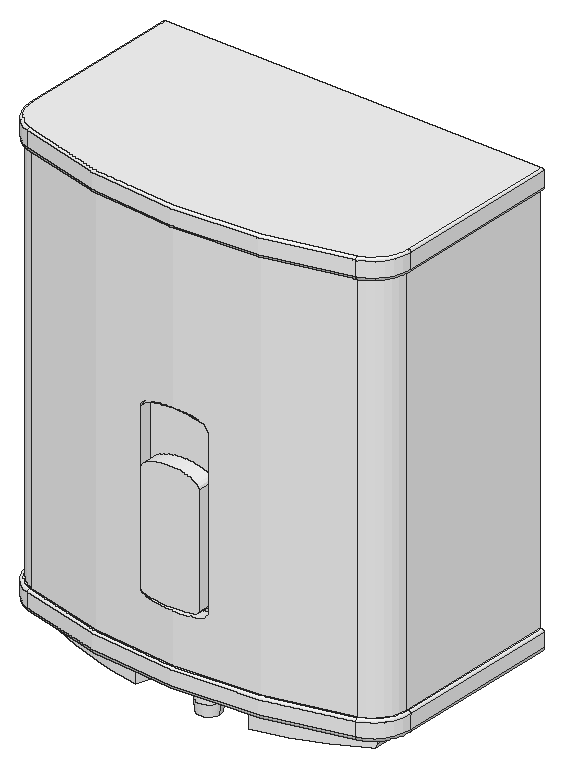
Revit family "NBS_HeatraeSadia_StrgWtrHtrsElctrc_SupremeSS", category Plumbing Fixtures, Revit 2014
Parameters (values of type "Supreme150SS")
  Waste Connection = no
  Vent Connection = yes
  InletPlacement = 80.00 mm
  Width = 337.00 mm
  Weight = "12"
  WaterStorageCapacity = "2.5"
  WaterInletTemperatureRange = "0"
  WarrantyStartDate = "1900-12-31T23:59:59"
  WarrantyGuarantorParts [instance] = "n/a"
  WarrantyGuarantorLabor = "n/a"
  WarrantyDurationUnit = "year"
  WarrantyDurationParts = "2"
  WarrantyDurationLabor = "n/a"
  WarrantyDescription = "n/a"
  Version = "1"  # constant formula
  VentPlacement = 112.00 mm
  Uniclass2015Version = "Products v1.1"  # constant formula
  Uniclass2015Reference = "Pr_60_60_96_28"
  Uniclass2015Description = "Electric storage water heaters"
  Uniclass2 = "90-90-46/428"
  ThirdPartyCertification = "BEAB approved"
  ThermalInsulation = "CFC/HCFC free (ODP zero) pre-moulded polystyrene and thermoplastic blend"
  TagNumber [instance] = "n/a"
  SustainabilityPerformance = "n/a"
  StorageWaterHeaterMaterial = NBS_Concept
  Size = "423 x 337 x 203 mm"
  Shape = "n/a"
  SerialNumber [instance] = "n/a"
  SafetyFeatures = "Low pressure vented, dry start protection by self-resetting bi-metal thermal cut-out, boil-dry protection by manually-resettable disc-type bi-metal cut-out"
  Revision = "n/a"
  ReplacementCost = "n/a"
  Rating = "2.5 kW"
  ProductInformation = "www.heatraesadia.com/docs/Drinking_water_brochure.pdf"
  PressureRating = "0"
  PartialLoadEfficiencyCurves = "0"
  OutletTemperatureRange = "100"
  OutletPlacement = 160.00 mm
  OperatingMode = "n/a"
  NominalWidth = Width  # 337.00 mm
  NominalPartLoadRatio = 0.00 mm
  NominalLength = Depth  # 203.00 mm
  NominalHeight = Height  # 423.00 mm
  NominalEnergyConsumption = 0.00 mm
  NominalEfficiency = 0
  Name = "StorageWaterHeatersElectric_Supreme150SS_HeatraeSadia"
  NBSTypeID = "n/a"
  NBSReference = "90-15-35/440"
  NBSOfficeMasterTag = "n/a"
  NBSNote = "n/a"
  NBSDescription = "Storage water heaters, electric"
  NBSCertification = "http://www.nationalbimlibrary.com/cert/opwkentu"
  MountingHeight [instance] = 250.00 mm
  ModelReference = "Supreme 150SS"
  ModelNumber = "95:200:240"
  Material = "Outer casing: Fingerprint-resistant stainless steel with grey ABS mouldings; Water container: Moulded polyphenylene sulphide; Heat unit: Low watt density Superloy element"
  ManufacturerURL = "www.heatraesadia.com"
  ManufacturerName = "Heatrae Sadia"  # constant formula
  Manufacturer = "specifier@heatraesadia.com"
  IsWaterStorageHeater = yes
  InstallationDate [instance] = "1900-12-31T23:59:59"
  IfcExportType = "WATER"  # constant formula
  IfcExportAs = "IfcBoilerType"  # constant formula
  IPCode = "IPX2"
  Height = 423.00 mm
  HeatTransferSurfaceArea = "0"
  HeatOutput = 0
  HW Connection = no
  Grade = "n/a"
  FlowRate = "To suit draw off requirements"
  Fixing = "Wall fixed"
  Finish = "n/a"
  Features = "Intelliboil™Plus technology, integral electronic water conditioner, power 'on’ indicator, ‘ready’ indicator, detachable steam condensing chamber"
  ExpectedLife = "n/a"
  DurationUnit = "year"
  Description = "Water boiling heater"
  Depth = 203.00 mm
  Controls = "Satin chrome finished heavy duty die-cast push/ pull lever"
  Constituents = "n/a"
  Connections = "Bottom or rear entry is possible using 15 mm push-fit connections"
  Color = "Natural"
  CodePerformance = "n/a"
  ClearanceZone [instance] = no
  Category = "n/a"
  CasingFinish = "Stainless steel"
  CableEntry = 111.00 mm
  CW Connection = yes
  BodyHeight = 383.60 mm
  BarCode [instance] = "n/a"
  BIMObjectName = "NBS_HeatraeSadia_StorageWaterHeatersElectric_Supreme150SS"
  Author = "NBS"  # constant formula
  AssetType = "Fixed"
  AssetIdentifier [instance] = "n/a"
  Arrangement = "Single point – mains supply"
  Accessories = "Counter stand (95:970:132), Drip tray no waste (95:970:128), Drip tray with waste (95:970:123), Programmable timer (95:970:124), Water filter system (95:970:129)"
  AccessibilityPerformance = "n/a"
Types (3, lengths in mm): name | InletPlacement | Weight | WaterStorageCapacity | VentPlacement | Size | OutletPlacement | NominalLength | NominalHeight | Name | ModelReference | ModelNumber | Height | Depth | CableEntry | BodyHeight | BIMObjectName | Accessories
  Supreme150SS | 80.00 | "12" | "2.5" | 112.00 | "423 x 337 x 203 mm" | 160.00 | 203.00 | 423.00 | "StorageWaterHeatersElectric_Supreme150SS_HeatraeSadia" | "Supreme 150SS" | "95:200:240" | 423.00 | 203.00 | 111.00 | 383.60 | "NBS_HeatraeSadia_StorageWaterHeatersElectric_Supreme150SS" | "Counter stand (95:970:132), Drip tray no waste (95:970:128), Drip tray with waste (95:970:123), Programmable timer (95:970:124), Water filter system (95:970:129)"
  Supreme165SS | 101.00 | "16" | "5" | 133.00 | "501 x 337 x 203 mm" | 160.00 | 203.00 | 501.00 | "StorageWaterHeatersElectric_Supreme165SS_HeatraeSadia" | "Supreme 165SS" | "95:200:241" | 501.00 | 203.00 | 101.00 | 466.00 | "NBS_HeatraeSadia_StorageWaterHeatersElectric_Supreme165SS" | "Counter stand (95:970:133), Drip tray no waste (95:970:128), Drip tray with waste (95:970:123), Programmable timer (95:970:124), Water filter system (95:970:129)"
  Supreme180SS | 101.00 | "21" | "7.5" | 133.00 | "506 x 337 x 262 mm" | 220.00 | 262.00 | 506.00 | "StorageWaterHeatersElectric_Supreme180SS_HeatraeSadia" | "Supreme 180SS" | "95:200:242" | 506.00 | 262.00 | 101.00 | 471.00 | "NBS_HeatraeSadia_StorageWaterHeatersElectric_Supreme180SS" | "Counter stand (95:970:133), Drip tray no waste (95:970:128), Drip tray with waste (95:970:123), Programmable timer (95:970:124), Water filter system (95:970:129)"
Reference planes
  plane 1 "Center (Front/Back)": y = 0
  plane 2: z = 0
  plane 3 "Center (Left/Right)": x = 4.12
  plane 4: z = 250
  plane 5: y = -203
  plane 6: z = 285
  plane 7: z = 668.6
  plane 8: z = 651.1
  plane 9: z = 302.5
  plane 10: x = -164.292
  plane 11: x = -160.633
  plane 12: x = 172.532
  plane 13: x = 168.873
  plane 14: z = 868.6
  plane 15: z = 0
  plane 16: x = -364.38
  plane 17: x = 372.62
  plane 18: y = -403
  plane 19: z = 277.5
  plane 20: y = -160
  plane 21: z = 476.8
  plane 22: y = -188
  plane 23: y = -147.391
  plane 24: z = 370.59
  plane 25: z = 266.5
Forms (mm)
  Extrusion 1, void
    sketch origin (0, 0, 0) x (1, 0, 0) y (0, 0, 1)
      loop
        line (-26.334, 497.5) -> (-26.334, 353.088)
        spline (-26.334, 353.088) -> (-25.297, 351.186) -> (-22.254, 349.413) -> (-17.415, 347.891) -> (-11.108, 346.723) -> (-3.764, 345.989) -> (4.118, 345.738) -> (11.999, 345.989) -> (19.344, 346.723) -> (25.651, 347.891) -> (30.49, 349.413) -> (33.532, 351.186) -> (34.57, 353.088)
        line (34.57, 353.088) -> (34.57, 497.5)
        spline (34.57, 497.5) -> (33.532, 499.915) -> (30.49, 502.166) -> (25.651, 504.099) -> (19.344, 505.582) -> (11.999, 506.514) -> (4.118, 506.832) -> (-3.764, 506.514) -> (-11.108, 505.582) -> (-17.415, 504.099) -> (-22.254, 502.166) -> (-25.297, 499.915) -> (-26.334, 497.5)
    from 188 to 203
  Extrusion 2, solid, material "NBS_Concept" <- "StorageWaterHeaterMaterial", detail levels fine
    sketch origin (0, 0, 0) x (1, 0, 0) y (0, 0, 1)
      loop
        line (-21.88, 452.5) -> (-21.88, 355.588)
        spline (-21.88, 355.588) -> (-20.994, 354.402) -> (-18.397, 353.297) -> (-14.265, 352.348) -> (-8.88, 351.62) -> (-2.609, 351.162) -> (4.12, 351.006) -> (10.849, 351.162) -> (17.12, 351.62) -> (22.505, 352.348) -> (26.637, 353.297) -> (29.234, 354.402) -> (30.12, 355.588)
        line (30.12, 355.588) -> (30.12, 452.5)
        spline (30.12, 452.5) -> (29.234, 455.088) -> (26.637, 457.5) -> (22.505, 459.571) -> (17.12, 461.16) -> (10.849, 462.159) -> (4.12, 462.5) -> (-2.609, 462.159) -> (-8.88, 461.16) -> (-14.265, 459.571) -> (-18.397, 457.5) -> (-20.994, 455.088) -> (-21.88, 452.5)
    from 188 to 203
  Extrusion 3, solid, material "NBS_ClearanceZone", visible <- "ClearanceZone"
    sketch origin (0, 0, 0) x (1, 0, 0) y (0, 0, 1)
      loop
        line (-364.38, 868.6) -> (-364.38, 0) -> (372.62, 0) -> (372.62, 868.6) -> (-364.38, 868.6)
    from 0 to 403
  Extrusion 4, solid, material "NBS_Concept" <- "StorageWaterHeaterMaterial", detail levels medium+fine
    sketch origin (-899.557, 0, 0) x (1, 0, 0) y (0, 0, 1)
      loop
        arc (757.151, 272.72) -> (758.371, 270.047) -> (761.003, 268.739) r 4.396
        arc (761.003, 268.739) -> (903.677, 260.143) -> (1046.352, 268.739) r 1188.202
        arc (1046.352, 268.739) -> (1048.983, 270.047) -> (1050.205, 272.711) r 4.396
        line (1050.205, 272.711) -> (1051.307, 285) -> (756.077, 285) -> (757.151, 272.72)
    from 0 to 203
  Extrusion 5, void
    sketch origin (0.015, 0, 0) x (1, 0, 0) y (0, 1, 0)
      loop
        arc (172.517, -147.978) -> (4.104, -181.464) -> (-164.307, -147.965) r 440.16
        line (-164.307, -147.965) -> (-164.307, -203) -> (172.517, -203) -> (172.517, -147.978)
    from 250 to 285
  Extrusion 6, void
    sketch origin (-899.557, 0, 0) x (1, 0, 0) y (0, 1, 0)
      loop
        circle (903.677, -186.104) r 50.399
    from 277.5 to 250
  Revolve 7, solid, material "NBS_Concept" <- "StorageWaterHeaterMaterial", detail levels fine
    sketch origin (-8.867, -160, 1200) x (-1, 0, 0) y (0, 0, 1)
      loop
        line (-0.437, -927.5) -> (0, -922.5) -> (-12.987, -922.5) -> (-12.987, -950) -> (-3.183, -950) -> (-2.137, -940) -> (-2.137, -927.5) -> (-0.437, -927.5)
      axis (-12.987, -922.5) -> (-12.987, -950)
    angle from 0 to 360
  Sweep 8, solid, material "NBS_Concept" <- "StorageWaterHeaterMaterial", detail levels medium+fine
    path origin (-364.38, -1524, 476.8) x (-1, 0, 0) y (0, -1, 0)
      loop
        line (-536.912, -1524) -> (-536.912, -1376.609)
        arc (-536.912, -1376.609) -> (-530.598, -1357.062) -> (-514.04, -1344.903) r 33.412
        arc (-514.04, -1344.903) -> (-368.5, -1321.345) -> (-222.96, -1344.903) r 461.351
        arc (-222.96, -1344.903) -> (-206.402, -1357.062) -> (-200.088, -1376.609) r 33.412
        line (-200.088, -1376.609) -> (-200.088, -1524)
    profile origin (-164.292, -73.695, 476.8) x (-1, 0, 0) y (0, 0, 1)
      loop
        line (-2.022, 191.8) -> (-20, 191.8) -> (-20, -191.8) -> (-2.997, -191.8)
        arc (-2.997, -191.8) -> (-0.878, -190.922) -> (0, -188.803) r 2.997
        line (0, -188.803) -> (0, -176.407)
        arc (0, -176.407) -> (-0.617, -174.917) -> (-2.107, -174.3) r 2.107
        line (-2.107, -174.3) -> (-3.659, -174.3) -> (-3.659, 174.3) -> (-2.064, 174.3)
        arc (-2.064, 174.3) -> (-0.62, 174.898) -> (-0.022, 176.342) r 2.042
        line (-0.022, 176.342) -> (-0.022, 189.8)
        arc (-0.022, 189.8) -> (-0.607, 191.214) -> (-2.022, 191.8) r 2
  Sweep 9, solid, material "NBS_Concept" <- "StorageWaterHeaterMaterial", detail levels coarse
    path origin (-364.38, -1524, 476.8) x (-1, 0, 0) y (0, -1, 0)
      loop
        line (-536.912, -1524) -> (-536.912, -1376.609)
        arc (-536.912, -1376.609) -> (-530.598, -1357.062) -> (-514.04, -1344.903) r 33.412
        arc (-514.04, -1344.903) -> (-368.5, -1321.345) -> (-222.96, -1344.903) r 461.351
        arc (-222.96, -1344.903) -> (-206.402, -1357.062) -> (-200.088, -1376.609) r 33.412
        line (-200.088, -1376.609) -> (-200.088, -1524)
    profile origin (-164.292, -73.695, 476.8) x (-1, 0, 0) y (0, 0, 1)
      loop
        line (0, -191.8) -> (0, 191.8) -> (-20, 191.8) -> (-20, -191.8) -> (0, -191.8)
  Extrusion 10, solid, material "NBS_Concept" <- "StorageWaterHeaterMaterial", detail levels coarse
    sketch origin (738.924, -1524, 285) x (0, -1, 0) y (-1, 0, 0)
      loop
        line (-1524, 882.404) -> (-1524, 587.174) -> (-1367.88, 587.174)
        arc (-1367.88, 587.174) -> (-1342.398, 734.789) -> (-1367.88, 882.404) r 440.298
        line (-1367.88, 882.404) -> (-1524, 882.404)
    from 0 to 35
  Extrusion 11, void
    sketch origin (0, 466.955, 250) x (0, 1, 0) y (-1, 0, 0)
      loop
        circle (-653.059, -4.12) r 50.399
    from 0 to 27.5
  Extrusion 12, solid, material "NBS_Concept" <- "StorageWaterHeaterMaterial", detail levels coarse+medium
    sketch origin (0, 466.955, 250) x (0, 1, 0) y (-1, 0, 0)
      loop
        circle (-626.955, -4.12) r 12.987
    from 0 to 27.5
  Extrusion 13, solid, material "NBS_Concept" <- "StorageWaterHeaterMaterial", detail levels coarse
    sketch origin (-364.38, -1524, 476.8) x (-1, 0, 0) y (0, -1, 0)
      loop
        arc (-507.731, -1363.882) -> (-514.377, -1368.763) -> (-516.912, -1376.609) r 13.412
        line (-516.912, -1376.609) -> (-516.912, -1524) -> (-220.088, -1524) -> (-220.088, -1376.609)
        arc (-220.088, -1376.609) -> (-222.623, -1368.763) -> (-229.269, -1363.882) r 13.412
        arc (-229.269, -1363.882) -> (-368.5, -1341.345) -> (-507.731, -1363.882) r 441.351
    from -191.8 to 191.8
  Extrusion 14, solid, material "NBS_Concept" <- "StorageWaterHeaterMaterial", detail levels medium+fine
    sketch origin (-364.38, -1524, 476.8) x (-1, 0, 0) y (0, -1, 0)
      loop
        arc (-507.731, -1363.882) -> (-514.377, -1368.763) -> (-516.912, -1376.609) r 13.412
        line (-516.912, -1376.609) -> (-516.912, -1524) -> (-220.088, -1524) -> (-220.088, -1376.609)
        arc (-220.088, -1376.609) -> (-222.623, -1368.763) -> (-229.269, -1363.882) r 13.412
        arc (-229.269, -1363.882) -> (-368.5, -1341.345) -> (-507.731, -1363.882) r 441.351
    from -191.8 to 191.8
  Extrusion 15, solid, material "NBS_Concept", not visible, detail levels coarse
    sketch origin (-364.38, -1524, 476.8) x (-1, 0, 0) y (0, -1, 0)
      loop
        circle (-257.5, -1500) r 7.95
    from -199.3 to -191.8
  Extrusion 16, solid, material "NBS_Concept", not visible, detail levels coarse
    sketch origin (890.232, -159.854, 1200) x (-1, 0, 0) y (0, 0, 1)
      loop
        circle (966.112, -829.41) r 7.5
    from 157.354 to 159.854
  Extrusion 17, solid, material "NBS_Concept", not visible, detail levels coarse
    sketch origin (890.232, -159.854, 1200) x (-1, 0, 0) y (0, 0, 1)
      loop
        circle (998.112, -829.41) r 7.5
    from 157.354 to 159.854
  Extrusion 18, solid, material "NBS_Concept", not visible, detail levels coarse
    sketch origin (-364.38, -1524, 476.8) x (-1, 0, 0) y (0, -1, 0)
      loop
        circle (-256.5, -1468.501) r 7.5
    from -199.3 to -210.3
  Extrusion 19, solid, material "NBS_Concept", not visible, detail levels coarse
    sketch origin (-364.38, -1524, 476.8) x (-1, 0, 0) y (0, -1, 0)
      loop
        circle (-288.5, -1465.848) r 7.5
    from -199.3 to -210.3
Cuts and joins
  Extrusion 5, Extrusion 6 cuts Extrusion 4
  Extrusion 1 cuts Sweep 8
  joined: Sweep 8, Extrusion 14
  Extrusion 11 cuts Extrusion 10
  joined: Sweep 9, Extrusion 13
Dimensions and locks
  "Depth": plane 1 "Center (Front/Back)" to plane 5
  locked: plane 5 to plane 18 at 200
  locked: plane 19 to plane 4 at 27.5
  locked: plane 6 to plane 4 at 35
  "BodyHeight": plane 7 to plane 6
  equal spacing: plane 7, plane 21, plane 6
  locked: plane 9 to plane 6 at 17.5
  locked: Extrusion 6 sketch curve to plane 5 at 16.896
  locked: Extrusion 11 sketch curve to plane 5 at 16.896
  locked: plane 7 to plane 8 at 17.5
  locked: Extrusion 1 sketch curve to plane 9 at 195
  locked: Extrusion 2 sketch curve to plane 9 at 150
  locked: plane 22 to plane 5 at 15
  "OutletPlacement": plane 20 to plane 1 "Center (Front/Back)"
  locked: plane 23 to plane 5 at 55.609
  locked: Sweep 9 sketch curve to plane 5 at 461.696
  locked: Sweep 8 sketch curve to plane 5 at 461.696
  "CableEntry": Extrusion 15 sketch curve to plane 3 "Center (Left/Right)"
  "InletPlacement": plane 3 "Center (Left/Right)" to Extrusion 16 sketch curve
  locked: plane 24 to plane 4 at 120.59
  "VentPlacement": plane 3 "Center (Left/Right)" to Extrusion 17 sketch curve
  "VentPlacement": Extrusion 18 sketch curve to plane 3 "Center (Left/Right)"
  "InletPlacement": Extrusion 19 sketch curve to plane 3 "Center (Left/Right)"
  locked: Extrusion 19 sketch curve to plane 1 "Center (Front/Back)" at 58.152
  locked: Extrusion 18 sketch curve to plane 1 "Center (Front/Back)" at 55.499
  locked: Extrusion 15 sketch curve to plane 1 "Center (Front/Back)" at 24
  locked: plane 19 to plane 25 at 11
  "MountingHeight": plane 4 to level
  locked: plane 7 to plane 14 at 200
  locked: plane 4 to plane 15 at 250
  Extrusion 4 sketch curve to plane 10 = 26.266 mm
  locked: Extrusion 4 sketch curve to plane 13 at 22.607
  locked: Extrusion 4 sketch curve to plane 4 at 23.104  (x2)
  radius of Sweep 9 sketch curve = 461.351 mm
  radius of Sweep 8 sketch curve = 461.351 mm
  radius of Extrusion 4 sketch curve = 1188.202 mm
  aligned and locked: level to plane 2
  aligned and locked: Extrusion 1 to plane 5
  aligned and locked: Extrusion 1 to Extrusion 2
  aligned and locked: Extrusion 3 sketch curve to plane 14
  aligned and locked: Extrusion 3 sketch curve to plane 16
  aligned and locked: Extrusion 3 sketch curve to plane 15
  aligned and locked: Extrusion 3 sketch curve to plane 17
  aligned and locked: Extrusion 3 to plane 18
  aligned and locked: Revolve 7 sketch curve to plane 3 "Center (Left/Right)"  (x2)
  aligned and locked: Revolve 7 to plane 19
  aligned and locked: Extrusion 5 sketch curve to plane 10
  aligned and locked: Extrusion 5 sketch curve to plane 12
  aligned and locked: Extrusion 5 sketch curve to plane 5
  aligned and locked: cut or joined group of Extrusion 4, Extrusion 5, Extrusion 6 to plane 1 "Center (Front/Back)"
  aligned and locked: Extrusion 4 to plane 5
  aligned and locked: plane 10 to Sweep 8 sketch curve
  aligned and locked: Sweep 8 sketch curve to plane 12
  aligned and locked: plane 1 "Center (Front/Back)" to Sweep 8 sketch curve  (x2)
  aligned and locked: plane 11 to Sweep 8 sketch curve
  aligned and locked: plane 8 to Sweep 8 sketch curve
  aligned and locked: plane 9 to Sweep 8 sketch curve
  aligned and locked: plane 6 to Sweep 8 sketch curve
  aligned and locked: plane 7 to Sweep 8 sketch curve
  aligned and locked: plane 10 to Sweep 9 sketch curve  (x2)
  aligned and locked: Sweep 9 sketch curve to plane 12
  aligned and locked: plane 1 "Center (Front/Back)" to Sweep 9 sketch curve  (x2)
  aligned and locked: plane 7 to Sweep 9 sketch curve
  aligned and locked: plane 6 to Sweep 9 sketch curve
  aligned and locked: plane 1 "Center (Front/Back)" to Extrusion 10 sketch curve
  aligned and locked: Extrusion 10 to plane 6
  aligned and locked: Extrusion 10 to plane 4
  aligned and locked: plane 3 "Center (Left/Right)" to Extrusion 6 sketch curve
  aligned and locked: plane 3 "Center (Left/Right)" to Extrusion 11 sketch curve
  aligned and locked: Extrusion 11 to plane 19
  aligned and locked: Extrusion 11 to plane 4
  aligned and locked: plane 20 to Extrusion 12 sketch curve
  aligned and locked: plane 3 "Center (Left/Right)" to Extrusion 12 sketch curve
  aligned and locked: Extrusion 12 to plane 19
  aligned and locked: Extrusion 12 to plane 4
  aligned and locked: plane 22 to Extrusion 1
  aligned and locked: Extrusion 2 to plane 5
  aligned and locked: Extrusion 13 sketch curve to Sweep 9  (x3)
  aligned and locked: Extrusion 13 sketch curve to plane 1 "Center (Front/Back)"
  aligned and locked: Extrusion 13 to plane 7
  aligned and locked: plane 6 to Extrusion 13
  aligned and locked: Extrusion 14 sketch curve to cut or joined group of Extrusion 1, Sweep 8, Extrusion 14  (x3)
  aligned and locked: Extrusion 14 sketch curve to plane 1 "Center (Front/Back)"
  aligned and locked: Extrusion 14 to plane 7
  aligned and locked: plane 6 to Extrusion 14
  aligned and locked: plane 23 to Sweep 9 sketch curve  (x2)
  aligned and locked: plane 23 to Sweep 8 sketch curve  (x2)
  aligned and locked: Extrusion 15 to plane 6
  aligned and locked: plane 24 to Extrusion 16 sketch curve
  aligned and locked: Extrusion 16 to plane 1 "Center (Front/Back)"
  aligned and locked: plane 24 to Extrusion 17 sketch curve
  aligned and locked: Extrusion 17 to plane 1 "Center (Front/Back)"
  aligned and locked: plane 19 to Extrusion 18
  aligned and locked: Extrusion 18 to plane 25
  aligned and locked: plane 19 to Extrusion 19
  aligned and locked: Extrusion 19 to plane 25
  aligned and locked: Extrusion 5 to plane 4
  aligned and locked: Extrusion 5 to plane 6
  aligned and locked: cut or joined group of Extrusion 4, Extrusion 5, Extrusion 6 to plane 19
  aligned and locked: Extrusion 6 to plane 4
  aligned and locked: plane 6 to Extrusion 4 sketch curve
Automatic sketch dimensions
  Extrusion 5 sketch curve to Extrusion 5 sketch curve = 55.022 mm
  Extrusion 5 sketch curve to Extrusion 5 sketch curve = 55.035 mm
  Extrusion 5 sketch curve to plane 1 "Center (Front/Back)" = 258.696 mm
  Revolve 7 sketch curve to plane 4 = 0.00 mm
  Revolve 7 sketch curve to plane 19 = 0.00 mm
  Revolve 7 sketch curve to plane 3 "Center (Left/Right)" = 9.804 mm
  plane 19 to Revolve 7 sketch curve = 5.00 mm
  Revolve 7 sketch curve to plane 3 "Center (Left/Right)" = 10.85 mm
  Revolve 7 sketch curve to Revolve 7 sketch curve = 1.70 mm
  Revolve 7 sketch curve to Revolve 7 sketch curve = 0.437 mm
  plane 4 to Revolve 7 sketch curve = 10.00 mm
  Revolve 7 sketch curve to Revolve 7 sketch curve = 8.058 mm
  Revolve 7 sketch curve to plane 6 = 5.569 mm
  profile plane to Sweep 9 sketch curve = 20.00 mm
  plane 3 "Center (Left/Right)" to Extrusion 10 sketch curve = 0.015 mm
  Extrusion 10 sketch curve to plane 1 "Center (Front/Back)" = 258.696 mm
  plane 20 to Extrusion 10 sketch curve = 3.88 mm  (x2)
  plane 11 to Extrusion 10 sketch curve = 17.153 mm
  plane 3 "Center (Left/Right)" to Extrusion 1 sketch curve = 30.45 mm
  Extrusion 1 sketch curve to plane 9 = 50.588 mm
  Extrusion 1 sketch curve to plane 3 "Center (Left/Right)" = 0.002 mm
  Extrusion 2 sketch curve to plane 3 "Center (Left/Right)" = 0.00 mm
  Extrusion 2 sketch curve to plane 9 = 53.088 mm
  Extrusion 2 sketch curve to plane 3 "Center (Left/Right)" = 26.00 mm
  plane 3 "Center (Left/Right)" to Sweep 9 sketch curve = 0.00 mm
  plane 11 to Sweep 9 sketch curve = 29.753 mm
  Sweep 9 sketch curve to Sweep 9 sketch curve = 0.00 mm
  plane 3 "Center (Left/Right)" to Sweep 8 sketch curve = 0.00 mm
  plane 11 to Sweep 8 sketch curve = 29.753 mm
  Sweep 8 sketch curve to Sweep 8 sketch curve = 0.00 mm
  Extrusion 4 sketch curve to plane 3 "Center (Left/Right)" = 0.00 mm
  plane 19 to Extrusion 4 sketch curve = 4.78 mm
  Extrusion 4 sketch curve to Extrusion 4 sketch curve = 4.379 mm  (x2)
  Extrusion 4 sketch curve to Extrusion 4 sketch curve = 1.074 mm
  Extrusion 4 sketch curve to Extrusion 4 sketch curve = 5.484 mm
  Extrusion 4 sketch curve to Extrusion 4 sketch curve = 0.00 mm
  plane 19 to Extrusion 4 sketch curve = 4.789 mm
  Extrusion 4 sketch curve to Extrusion 4 sketch curve = 0.002 mm
  Extrusion 4 sketch curve to Extrusion 4 sketch curve = 12.28 mm
  profile plane to Sweep 8 sketch curve = 20.00 mm
  profile plane to Sweep 8 sketch curve = 2.997 mm
  profile plane to Sweep 8 sketch curve = 2.107 mm
  Sweep 8 sketch curve to Sweep 8 sketch curve = 1.596 mm
  profile plane to Sweep 8 sketch curve = 2.022 mm
  profile plane to Sweep 8 sketch curve = 0.022 mm
  Sweep 8 sketch curve to profile plane = 0.00 mm
  radius of Extrusion 6 sketch curve = 50.399 mm
  radius of Extrusion 11 sketch curve = 50.399 mm
  radius of Extrusion 12 sketch curve = 12.987 mm
  radius of Extrusion 15 sketch curve = 7.95 mm
  radius of Extrusion 16 sketch curve = 7.50 mm
  radius of Extrusion 17 sketch curve = 7.50 mm
  radius of Extrusion 18 sketch curve = 7.50 mm
  radius of Extrusion 19 sketch curve = 7.50 mm
Connectors
  electrical at (-106.88, -24, 277.5)
    settings: on Extrusion 15, index 1, voltage 0 V, apparent load 0 VA, apparent load phase1 0 VA, apparent load phase2 0 VA, apparent load phase3 0 VA, power factor 1, load classification "Other", number of poles 1, system type 31, power factor state 1, is connector primary yes, connector utility no, sub classification motor no, connector description ""
  piping at (-75.88, -58.152, 266.5), diameter 15, driven by "CW Connection"
    settings: on Extrusion 19, index 2, connector inside diameter 609.6 mm, connector length 0.00 mm, flow factor 0, pipe flow 0.0 L/s, pressure drop 0.0 Pa, fitting loss kfactor 0, connector angle 0.00°, fixture units 0, engagement length 0.00 mm, angle of deflection 0.00°, flow configuration 0, flow direction 1, fitting loss method 0, system type 20, joint type 0, gender type 0, connector reference index -1, connector utility 1, adjustable connector no, is connector primary yes, connector description "Inlet Bottom"
  piping at (-107.88, -55.499, 266.5), diameter 15, driven by "Vent Connection"
    settings: on Extrusion 18, index 3, connector inside diameter 609.6 mm, connector length 0.00 mm, flow factor 0, pipe flow 0.0 L/s, pressure drop 0.0 Pa, fitting loss kfactor 0, connector angle 0.00°, fixture units 0, engagement length 0.00 mm, angle of deflection 0.00°, flow configuration 0, flow direction 2, fitting loss method 0, system type 17, joint type 0, gender type 0, connector reference index -1, connector utility 1, adjustable connector no, is connector primary no, connector description "Vent Bottom"
  piping at (-75.88, 0, 370.59), diameter 15, driven by "CW Connection"
    settings: on Extrusion 16, index 4, connector inside diameter 609.6 mm, connector length 0.00 mm, flow factor 0, pipe flow 0.0 L/s, pressure drop 0.0 Pa, fitting loss kfactor 0, connector angle 0.00°, fixture units 0, engagement length 0.00 mm, angle of deflection 0.00°, flow configuration 0, flow direction 1, fitting loss method 0, system type 20, joint type 0, gender type 0, connector reference index -1, connector utility 1, adjustable connector no, is connector primary no, connector description "Inlet Rear"
  piping at (-107.88, 0, 370.59), diameter 15, driven by "Vent Connection"
    settings: on Extrusion 17, index 5, connector inside diameter 609.6 mm, connector length 0.00 mm, flow factor 0, pipe flow 0.0 L/s, pressure drop 0.0 Pa, fitting loss kfactor 0, connector angle 0.00°, fixture units 0, engagement length 0.00 mm, angle of deflection 0.00°, flow configuration 0, flow direction 1, fitting loss method 0, system type 17, joint type 0, gender type 0, connector reference index -1, connector utility 1, adjustable connector no, is connector primary no, connector description "Vent Rear"
